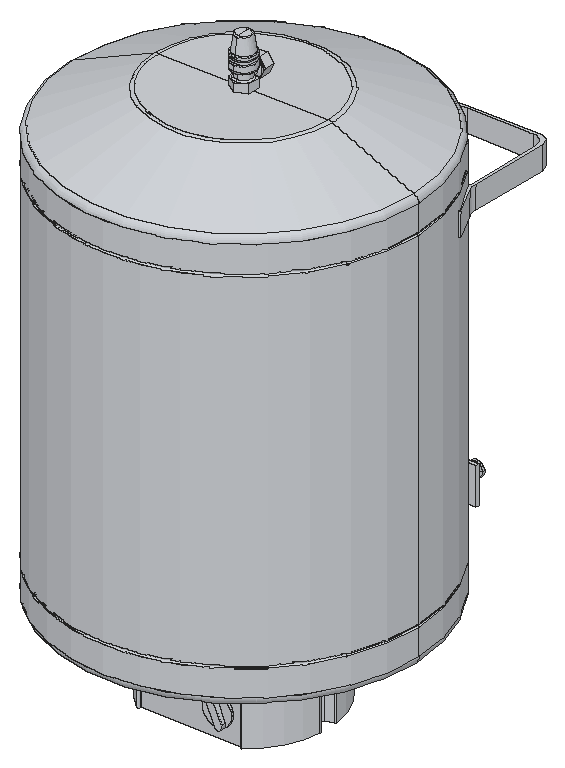
Revit family "VP503", category Generic Models, Revit 2013
Parameters (values of type "Zip Varipoint III_ model_VP503")
  Wireless (WIFI) = "No"
  Weekly Maintenance (or SFG20 Codes) = ""
  Warranty ID = "Zip Heaters (UK) Ltd warrants that, should any part fail within 12 calendar months of installation"
  Tap Clearance = "N/A"
  Tap Finish = "N/A"
  Shipping Weight = "N/A"
  Responsible Sourcing of Materials = ""
  Responsible Extraction of Materials = ""
  Quarterly Maintenance (or SFG20 Codes) = ""
  Overall Length/Depth/Circumference = "448mm"
  WRAS Approved = "Yes"
  Power Supply (Voltage) = "230 (V~)"
  URL = "www.zipindustries.co.uk"
  Type Comments = "Direct unvented water heater"
  Supply Phase = "1"
  Shape = "Cylindrical"
  O&M Manual (Manufacturer O&M Data) = ""
  Monthly Maintenance (or SFG20 Codes) = ""
  Max. Stored Water Temperature = "79°C"
  Material Ingredient Reporting = ""
  Maintenance Required 8001-12000hrs (Maintenance required in this time frame) = ""
  Maintenance Required 601-1000hrs (Maintenance tasks required in this time frame) = ""
  Maintenance Required 40001-8000hrs (Maintenance tasks required in this time frame) = ""
  Maintenance Required 301-600hrs (Maintenance Tasks required in this time frame) = ""
  Maintenance Required 2001-4000hrs (Maintenance tasks required in this time frame) = ""
  Maintenance Required 1001-2000hrs (Maintenance tasks required in this time frame) = ""
  Maintenance Required 0-300hrs (Maintenance Tasks required in this time frame) = ""
  Location of Manufacturer = ""
  Life Cycle Analysis = ""
  Heat Up Time = "72mins"
  Programmable Safety Features = "No"
  Programmable Function Parameters = "No"
  Product Range = "Wall Mounted"
  Overall Width = "N/A"
  Overall Height = "718mm"
  Type = "Direct unvented water heater"
  Net Weight = "20.0kg"
  Internal Filter (if fitted) = "No"
  Gross Weight (When Full) = "71.5kg"
  Green Guide for Specification = ""
  Model = "VP503"
  Standby Power Loss (idle mode) = "Not Known"
  Nominal Flow Rate (Boiling) = "N/A"
  Volume Dispensed per hour = "N/A"
  Expected Life = ""
  Environmental Product Declaration = ""
  Energy Technology List = ""
  Embodied Carbon = ""
  Daily Maintenance (or SFG20 Codes) = ""
  Cable Length and size (If Fitted) = "N/A"
  Single Instance Draw off Volume = "N/A"
  Recovery Volume per Minute = "N/A"
  Mains Water Connection = "1/2\" BSP"
  Manufacturer = "Zip Industries(UK) Ltd"
  Keynote = ""
  Mains Water Pressure _ Minimum = "N/A"
  Mains Water Pressure _ Maximum = "0.55 Mpa"
  Mains Pressure Limiting Valve = "Offered as Accessory"
  Enclosure Rating = "IP24"
  Button Interface = "No"
  Bespoke Timeframe Maintenance (or SFG20 Codes) = ""
  Base Unit Finish = "White powder coated finish"
  Backflow Prevention Valve = "N/A"
  Tank Construction Material = "The inner vessel is constructed from heavy guage copper and pressure tested to 1.2 MPa (12 bar)."
  Tank Thickness = "N/A"
  Insulation Material = "Heat losses are minimised by the high efficiency CFC free polyurethane foam insulation."
  Power Rating = "2kW"
  Capacity = "50 L"
  Features = ""
  External Material = "The casing is constructed of Steel"
  Description = ""
  Control Thermostat Range = "37°C ~ 75°C"
  BMS Links = "No"
  Assembly Code = ""
  Unit Access Clearance right = "N/A"
  Unit Access Clearance Top = "250mm"
  Unit Access Clearance Rear = "N/A"
  Unit Access Clearance Left = "N/A"
  Unit Access Clearance Front = "N/A"
  Unit Access Clearance Bottom = "400mm"
  Annually Maintenance (or SFG20 Codes) = ""
  6 Monthly Maintenance (or SFG20 Codes) = ""
Reference planes
  plane 1 "Center (Front/Back)": y = 0
  plane 2: z = 0
  plane 3 "Center (Left/Right)": x = 0
  plane 4 "BOX LEFT": x = -117.5
  plane 5 "WW": x = -49.998
Forms (mm)
  Revolve 1, solid
    sketch origin (0, 0, 340.197) x (1, 0, 0) y (0, 0, 1)
      loop
        line (0, 307.803) -> (0, -340.197) -> (113.076, -340.197)
        arc (113.076, -340.197) -> (115.069, -339.978) -> (116.979, -339.367) r 10.005
        line (116.979, -339.367) -> (223.964, -292.841)
        arc (223.964, -292.841) -> (228.366, -289.081) -> (230.01, -283.531) r 10.19
        line (230.01, -283.531) -> (230.01, -248.531)
        arc (230.01, -248.531) -> (228.516, -247.037) -> (230.01, -245.543) r 1.494
        line (230.01, -245.543) -> (230.01, 213.179)
        arc (230.01, 213.179) -> (228.511, 214.678) -> (230.01, 216.177) r 1.499
        line (230.01, 216.177) -> (230.01, 251.177)
        arc (230.01, 251.177) -> (228.377, 256.66) -> (224.004, 260.349) r 9.996
        line (224.004, 260.349) -> (116.974, 306.935)
        arc (116.974, 306.935) -> (114.565, 307.67) -> (112.05, 307.803) r 10.399
        line (112.05, 307.803) -> (0, 307.803)
      axis (0, -340.197) -> (0, 307.803)
    angle from 0 to 360
  Revolve 2, solid
    sketch origin (0, 0, 340.197) x (0, 1, 0) y (0, 0, 1)
      loop
        line (15.3, 344.503) -> (0, 344.503) -> (0, 342.303) -> (15.3, 342.303) -> (15.3, 344.503)
      axis (0, 342.303) -> (0, 344.503)
    angle from 0 to 360
  Revolve 3, solid
    sketch origin (0, 0, 340.197) x (0, 1, 0) y (0, 0, 1)
      loop
        arc (0, 372.039) -> (-4.74, 371.932) -> (-9.479, 371.797) r 805.271
        arc (-9.479, 371.797) -> (-10.133, 371.544) -> (-10.487, 370.939) r 1.062
        line (-10.487, 370.939) -> (-13.422, 351.053) -> (-14.3, 351.053)
        arc (-14.3, 351.053) -> (-15.007, 350.76) -> (-15.3, 350.053) r 1
        line (-15.3, 350.053) -> (-15.3, 346.507)
        arc (-15.3, 346.507) -> (-14.713, 345.09) -> (-13.296, 344.503) r 2.004
        line (-13.296, 344.503) -> (0, 344.503) -> (0, 372.039)
      axis (0, 344.503) -> (0, 372.039)
    angle from 0 to 360
  Revolve 4, solid
    sketch origin (0, 0, 340.197) x (0, 1, 0) y (0, 0, 1)
      loop
        line (0, 342.303) -> (-13.522, 342.303)
        arc (-13.522, 342.303) -> (-14.93, 341.72) -> (-15.514, 340.312) r 1.991
        line (-15.514, 340.312) -> (-15.514, 332.254)
        arc (-15.514, 332.254) -> (-14.934, 330.855) -> (-13.536, 330.276) r 1.978
        line (-13.536, 330.276) -> (-12.189, 330.276)
        arc (-12.189, 330.276) -> (-10.727, 329.687) -> (-10.081, 328.249) r 2.109
        line (-10.081, 328.249) -> (-10.081, 321.389)
        arc (-10.081, 321.389) -> (-10.663, 319.985) -> (-12.067, 319.403) r 1.985
        line (-12.067, 319.403) -> (0, 319.403) -> (0, 342.303)
      axis (0, 319.403) -> (0, 342.303)
    angle from 0 to 360
  Extrusion 5, solid
    sketch origin (0, 0, 648) x (0, 1, 0) y (-1, 0, 0)
      loop
        line (15.483, -0.719) -> (8.365, 13.049) -> (-7.119, 13.769) -> (-15.483, 0.719) -> (-8.365, -13.049) -> (7.119, -13.769) -> (15.483, -0.719)
    from 0 to 11.6
  Revolve 6, solid
    sketch origin (0, 0, 340.197) x (0, 1, 0) y (0, 0, 1)
      loop
        line (19, 324.356) -> (19, 334.7)
        arc (19, 334.7) -> (17.213, 335.282) -> (16.055, 336.762) r 3.221
        line (16.055, 336.762) -> (14.931, 336.762) -> (11.679, 332.287)
        arc (11.679, 332.287) -> (9.665, 330.656) -> (7.106, 330.251) r 5.006
        arc (7.106, 330.251) -> (4.54, 330.233) -> (1.979, 330.072) r 45.95
        arc (1.979, 330.072) -> (0.56, 329.627) -> (0, 328.249) r 1.744
        line (0, 328.249) -> (0, 324.356) -> (19, 324.356)
      axis (0, 324.356) -> (19, 324.356)
    angle from 0 to 360
  Extrusion 7, solid
    sketch origin (0, 19, 340.197) x (0, 0, -1) y (-1, 0, 0)
      loop
        line (-335.968, 7.915) -> (-337.016, -6.099) -> (-325.404, -14.014) -> (-312.744, -7.915) -> (-311.696, 6.099) -> (-323.308, 14.014) -> (-335.968, 7.915)
      loop
        circle (-324.162, 0) r 9.547
    from 0 to 12.88
  Extrusion 8, solid
    sketch origin (0, 0, 0) x (-1, 0, 0) y (0, -1, 0)
      loop
        arc (-69.387, 89.097) -> (-98.168, 55.82) -> (-112.048, 14.07) r 112.928
        arc (-112.048, 14.07) -> (-111.742, 12.788) -> (-110.708, 11.97) r 2.015
        line (-110.708, 11.97) -> (-99.17, 7.938)
        arc (-99.17, 7.938) -> (-98.26, 7.201) -> (-97.917, 6.08) r 2.003
        line (-97.917, 6.08) -> (-97.917, -5.551)
        arc (-97.917, -5.551) -> (-98.127, -7.015) -> (-99.258, -7.968) r 2.076
        line (-99.258, -7.968) -> (-110.672, -11.958)
        arc (-110.672, -11.958) -> (-111.532, -12.555) -> (-112.129, -13.415) r 2.945
        arc (-112.129, -13.415) -> (-75.009, -84.559) -> (0, -113.076) r 112.908
        arc (0, -113.076) -> (74.957, -84.553) -> (111.99, -13.415) r 112.752
        arc (111.99, -13.415) -> (111.516, -12.518) -> (110.672, -11.958) r 2.052
        line (110.672, -11.958) -> (99.258, -7.968)
        arc (99.258, -7.968) -> (98.127, -7.015) -> (97.917, -5.551) r 2.076
        line (97.917, -5.551) -> (97.917, 6.08)
        arc (97.917, 6.08) -> (98.26, 7.201) -> (99.17, 7.938) r 2.003
        line (99.17, 7.938) -> (110.708, 11.97)
        arc (110.708, 11.97) -> (111.693, 12.709) -> (112.072, 13.88) r 2.036
        arc (112.072, 13.88) -> (111.978, 15.854) -> (111.673, 17.807) r 18.448
        arc (111.673, 17.807) -> (97.673, 56.954) -> (70.271, 88.222) r 111.185
        arc (70.271, 88.222) -> (68.008, 89.165) -> (66.522, 87.216) r 2.007
        arc (66.522, 87.216) -> (66.351, 86.803) -> (65.937, 86.632) r 0.584
        line (65.937, 86.632) -> (-66.029, 86.632)
        arc (-66.029, 86.632) -> (-66.414, 86.989) -> (-66.532, 87.502) r 0.895
        arc (-66.532, 87.502) -> (-67.552, 89.029) -> (-69.387, 89.097) r 2.018
    from 0 to -68
  Extrusion 9, solid
    sketch origin (0, -89.097, 340.197) x (0, 0, 1) y (-1, 0, 0)
      loop
        circle (-374.114, -38.598) r 18.975
    from 0 to 2.535
  Extrusion 10, solid
    sketch origin (0, -89.097, 340.197) x (0, 0, 1) y (-1, 0, 0)
      loop
        arc (-389.044, -39.589) -> (-391.747, -46.123) -> (-385.214, -48.826) r 5
        line (-385.214, -48.826) -> (-359.349, -38.101)
        arc (-359.349, -38.101) -> (-356.646, -31.567) -> (-363.18, -28.863) r 5
        line (-363.18, -28.863) -> (-389.044, -39.589)
    from 2.535 to 8.535
  Extrusion 11, solid
    sketch origin (0, -89.097, 340.197) x (0, 0, 1) y (-1, 0, 0)
      loop
        circle (-374.116, 32.596) r 5
    from 0 to 1.083
  Revolve 12, solid
    sketch origin (0, 181.142, 340.197) x (0, 0, 1) y (-1, 0, 0)
      loop
        line (-340.197, 40.671) -> (-355.197, 40.671) -> (-355.197, 39.844) -> (-365.197, 39.844) -> (-365.197, 38.464) -> (-340.197, 38.464) -> (-340.197, 40.671)
      axis (-365.197, 30.33) -> (-340.197, 30.33)
    angle from 0 to 360
  Revolve 13, solid
    sketch origin (0, 181.142, 340.197) x (0, 0, 1) y (1, 0, 0)
      loop
        line (-340.197, 40.671) -> (-355.197, 40.671) -> (-355.197, 39.844) -> (-365.197, 39.844) -> (-365.197, 38.464) -> (-340.197, 38.464) -> (-340.197, 40.671)
      axis (-365.197, 30.33) -> (-340.197, 30.33)
    angle from 0 to 360
  Extrusion 14, solid
    sketch origin (0, 0, 0) x (-1, 0, 0) y (0, -1, 0)
      loop
        arc (124.145, -193.63) -> (128.26, -187.145) -> (126.611, -179.644) r 10.078
        line (126.611, -179.644) -> (80.524, -114.253)
        arc (80.524, -114.253) -> (70.028, -103.896) -> (56.578, -97.853) r 41.596
        arc (56.578, -97.853) -> (0, -112.034) -> (-56.578, -97.853) r 119.951
        arc (-56.578, -97.853) -> (-70.028, -103.896) -> (-80.524, -114.253) r 41.596
        line (-80.524, -114.253) -> (-126.611, -179.644)
        arc (-126.611, -179.644) -> (-128.26, -187.145) -> (-124.145, -193.63) r 10.078
        arc (-124.145, -193.63) -> (0, -230.01) -> (124.145, -193.63) r 230.01
    from 0 to 47.356
  Extrusion 15, solid
    sketch origin (0, 0, 508) x (-1, 0, 0) y (0, -1, 0)
      loop
        arc (212.766, -87.3) -> (203.08, -107.991) -> (191.367, -127.605) r 227.33
        arc (191.367, -127.605) -> (188.72, -134.384) -> (187.875, -141.612) r 28.513
        line (187.875, -141.612) -> (189.062, -244.23)
        arc (189.062, -244.23) -> (183.995, -256.463) -> (171.763, -261.53) r 17.299
        line (171.763, -261.53) -> (84.214, -261.53)
        arc (84.214, -261.53) -> (70.602, -254.397) -> (66.974, -239.464) r 18.639
        arc (66.974, -239.464) -> (57.267, -228.357) -> (42.704, -226.011) r 21.721
        arc (42.704, -226.011) -> (21.445, -229.008) -> (0, -230.01) r 230.01
        arc (0, -230.01) -> (-21.445, -229.008) -> (-42.704, -226.011) r 230.01
        arc (-42.704, -226.011) -> (-57.267, -228.357) -> (-66.974, -239.464) r 21.721
        arc (-66.974, -239.464) -> (-70.602, -254.397) -> (-84.214, -261.53) r 18.639
        line (-84.214, -261.53) -> (-171.763, -261.53)
        arc (-171.763, -261.53) -> (-183.995, -256.463) -> (-189.062, -244.23) r 17.299
        line (-189.062, -244.23) -> (-187.875, -141.612)
        arc (-187.875, -141.612) -> (-188.72, -134.384) -> (-191.367, -127.605) r 28.513
        arc (-191.367, -127.605) -> (-203.08, -107.991) -> (-212.766, -87.3) r 227.33
        arc (-212.766, -87.3) -> (-214.55, -86.59) -> (-215.541, -88.236) r 1.484
        arc (-215.541, -88.236) -> (-206.313, -108.786) -> (-195.111, -128.331) r 228.938
        arc (-195.111, -128.331) -> (-192.373, -135) -> (-192.162, -142.206) r 20.121
        line (-192.162, -142.206) -> (-193.401, -249.325)
        arc (-193.401, -249.325) -> (-188.673, -260.738) -> (-177.26, -265.466) r 16.141
        line (-177.26, -265.466) -> (-78.201, -265.466)
        arc (-78.201, -265.466) -> (-68.205, -261.629) -> (-63.344, -252.089) r 14.938
        arc (-63.344, -252.089) -> (-62.3, -241.657) -> (-57.013, -232.604) r 24.639
        arc (-57.013, -232.604) -> (-50.174, -230.113) -> (-42.912, -230.622) r 17.483
        arc (-42.912, -230.622) -> (-21.555, -233.71) -> (0, -234.74) r 225.227
        arc (0, -234.74) -> (21.555, -233.71) -> (42.912, -230.622) r 225.227
        arc (42.912, -230.622) -> (50.174, -230.113) -> (57.013, -232.604) r 17.483
        arc (57.013, -232.604) -> (62.3, -241.657) -> (63.344, -252.089) r 24.639
        arc (63.344, -252.089) -> (68.205, -261.629) -> (78.201, -265.466) r 14.938
        line (78.201, -265.466) -> (177.26, -265.466)
        arc (177.26, -265.466) -> (188.673, -260.738) -> (193.401, -249.325) r 16.141
        line (193.401, -249.325) -> (192.162, -142.206)
        arc (192.162, -142.206) -> (192.373, -135) -> (195.111, -128.331) r 20.121
        arc (195.111, -128.331) -> (206.313, -108.786) -> (215.541, -88.236) r 228.938
        arc (215.541, -88.236) -> (214.55, -86.59) -> (212.766, -87.3) r 1.484
    from 0 to 30
  Extrusion 16, solid
    sketch origin (0, 0, 90) x (-1, 0, 0) y (0, -1, 0)
      loop
        line (117.002, -239.992) -> (117.002, -235.991) -> (72.002, -235.991)
        arc (72.002, -235.991) -> (71.169, -235.626) -> (70.564, -234.946) r 2.128
        line (70.564, -234.946) -> (64.519, -224.405)
        arc (64.519, -224.405) -> (62.037, -223.088) -> (59.23, -223.184) r 5.44
        arc (59.23, -223.184) -> (29.859, -228.908) -> (0, -230.858) r 235.233
        arc (0, -230.858) -> (-29.859, -228.908) -> (-59.23, -223.184) r 235.233
        arc (-59.23, -223.184) -> (-62.037, -223.088) -> (-64.519, -224.405) r 5.44
        line (-64.519, -224.405) -> (-70.564, -234.946)
        arc (-70.564, -234.946) -> (-71.169, -235.626) -> (-72.002, -235.991) r 2.128
        line (-72.002, -235.991) -> (-117.002, -235.991) -> (-117.002, -239.992) -> (-72.002, -239.992) -> (-70.581, -239.992)
        arc (-70.581, -239.992) -> (-69.442, -239.289) -> (-68.586, -238.258) r 4.134
        line (-68.586, -238.258) -> (-62.71, -228.223)
        arc (-62.71, -228.223) -> (-61.074, -227.404) -> (-59.245, -227.41) r 3.946
        arc (-59.245, -227.41) -> (-29.832, -232.772) -> (0, -234.74) r 261.456
        arc (0, -234.74) -> (29.832, -232.772) -> (59.245, -227.41) r 261.456
        arc (59.245, -227.41) -> (61.074, -227.404) -> (62.71, -228.223) r 3.946
        line (62.71, -228.223) -> (68.586, -238.258)
        arc (68.586, -238.258) -> (69.442, -239.289) -> (70.581, -239.992) r 4.134
        line (70.581, -239.992) -> (72.002, -239.992) -> (117.002, -239.992)
    from 0 to 49
  Revolve 17, solid
    sketch origin (0, 0, 114.711) x (-1, 0, 0) y (0, -1, 0)
      loop
        line (93.932, -263.142) -> (93.932, -226.982) -> (92.057, -226.982) -> (91.034, -228.005) -> (91.034, -263.142) -> (93.932, -263.142)
      axis (93.932, -263.142) -> (93.932, -226.982)
    angle from 0 to 360
  Revolve 18, solid
    sketch origin (0, 0, 114.711) x (-1, 0, 0) y (0, -1, 0)
      loop
        line (93.932, -263.142) -> (93.932, -266.142) -> (103.916, -266.142) -> (103.916, -263.142) -> (93.932, -263.142)
      axis (93.932, -266.142) -> (93.932, -263.142)
    angle from 0 to 360
  Revolve 19, solid
    sketch origin (0, 0, 114.711) x (1, 0, 0) y (0, -1, 0)
      loop
        line (93.932, -263.142) -> (93.932, -266.142) -> (103.916, -266.142) -> (103.916, -263.142) -> (93.932, -263.142)
      axis (93.932, -266.142) -> (93.932, -263.142)
    angle from 0 to 360
  Revolve 20, solid
    sketch origin (0, 0, 114.711) x (1, 0, 0) y (0, -1, 0)
      loop
        line (93.932, -263.142) -> (93.932, -226.982) -> (92.057, -226.982) -> (91.034, -228.005) -> (91.034, -263.142) -> (93.932, -263.142)
      axis (93.932, -263.142) -> (93.932, -226.982)
    angle from 0 to 360
Dimensions and locks
  aligned and locked: level to plane 2
Connectors
  piping at (0, 31.88, 664.359)
    settings: on Extrusion 7, index 4, connector radius 7.5 mm, flow factor 0, pipe flow 0.0 L/s, pressure drop 0.0 Pa, fitting loss kfactor 0, connector angle 0.00°, fixture units 0, engagement length 0 mm, flow configuration 0, flow direction 2, fitting loss method 0, system type 22, joint type 0, gender type 0, connector reference index -1, connector utility 0, adjustable connector no, is connector primary yes, fitting loss table "", connector description ""
  piping at (30.33, 181.142, -25)
    settings: on Revolve 13, index 5, connector radius 7.5 mm, flow factor 0, pipe flow 0.0 L/s, pressure drop 0.0 Pa, fitting loss kfactor 0, connector angle 0.00°, fixture units 0, engagement length 0 mm, flow configuration 0, flow direction 1, fitting loss method 0, system type 20, joint type 0, gender type 0, connector reference index -1, connector utility 0, adjustable connector no, is connector primary no, fitting loss table "", connector description ""
  piping at (-30.33, 181.142, -25)
    settings: on Revolve 12, index 6, connector radius 7.5 mm, flow factor 0, pipe flow 0.0 L/s, pressure drop 0.0 Pa, fitting loss kfactor 0, connector angle 0.00°, fixture units 0, engagement length 0 mm, flow configuration 0, flow direction 2, fitting loss method 0, system type 19, joint type 0, gender type 0, connector reference index -1, connector utility 0, adjustable connector no, is connector primary no, fitting loss table "", connector description ""
